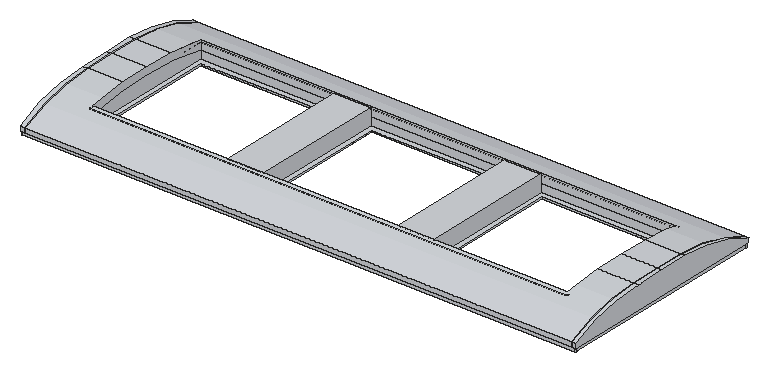
Revit family "Gira_0213763", category Electrical Fixtures, host Face, Revit 2017
Family settings
  Host = Face
  Maintain Annotation Orientation = No
  Round Connector Dimension = Use Diameter
  Part Type = Normal
  Cut with Voids When Loaded = No
  Shared = No
  Room Calculation Point = No
Parameters (values of type "Abdeckrahmen 3f Zwischenr. RW Gira Event Klar Braun")
  Werkstoffgüte = "Thermoplast"
  Werkstoff = "Kunststoff"
  URL = "http://katalog.gira.de/de_DE/datenblatt.html?artikelnr=0213763"
  Transparent = "No"
  Textfeld/Beschriftungsfläche = "No"
  Schutzart (IP) = "IP20"
  Region = "DE"
  Oberfläche = "sonstige"
  Name = "Abdeckrahmen 3f Zwischenr. RW Gira Event Klar Braun"
  Montagerichtung = "horizontal und vertikal"
  Mit Montagerahmen = "No"
  Mit Klappdeckel = "No"
  Manufacturer URL = "https://www.gira.de/"
  Keynote = "Event_Rahmen_3fach"
  HeinzeBIM = "https://bimportal.heinze.de/bim/abdeckrahmen-3f-zwischenr-rw-gira-event-klar-braun/d1ae89ef70610aae7ddfecf6ec6819ed856df4fa"
  Halogenfrei = "Yes"
  HAN = "0213763"
  Geeignet für Unterputz-Installation = "Yes"
  Geeignet für Unterflurkanaldose = "No"
  Geeignet für Geräteeinbaukanal = "No"
  Geeignet für Einbauinstallation = "No"
  GTIN = "4010337069379"
  Farbe = "braun"
  Default Elevation = 1219.2 mm
  Data sheet (1) = "https://katalog.gira.de/de_DE/download.html?artikelnr=0213763"
  Category = "Abdeckrahmen"
  Befestigungsart = "Klemmbefestigung"
  Available = "Yes"
  Ausführung der Oberfläche = "glänzend"
  Anzahl der Einheiten vertikal = "3 "
  Anzahl der Einheiten horizontal = "3 "
  Anzahl der Einheiten = "3 "
Reference planes
  plane 1 "Center (Front/Back)": y = 0
  plane 2: z = 0
  plane 3 "Center (Left/Right)": x = 0
Forms (mm)
  Extrusion 1, solid, detail levels fine
    sketch origin (0, 0, 0.05) x (0, 1, 0) y (0, 0, 1)
      loop
        arc (12.445, 9.683) -> (6.223, 9.833) -> (0, 9.85) r 291.636
        arc (0, 9.85) -> (-6.223, 9.833) -> (-12.445, 9.683) r 291.636
        arc (-12.445, 9.683) -> (-29.14, 7.482) -> (-45, 1.823) r 79.728
        line (-45, 1.823) -> (-45, -0.05) -> (-42.086, -0.05)
        arc (-42.086, -0.05) -> (-21.385, 5.559) -> (0, 7.206) r 114.424
        arc (0, 7.206) -> (21.385, 5.559) -> (42.086, -0.05) r 114.424
        line (42.086, -0.05) -> (45, -0.05) -> (45, 1.823)
        arc (45, 1.823) -> (29.14, 7.482) -> (12.445, 9.683) r 79.728
    from -114.3 to 114.3
  Extrusion 2, void, detail levels fine
    sketch origin (0, 0, 0) x (1, 0, 0) y (0, 1, 0)
      loop
        line (-99.355, -28.053) -> (99.355, -28.053) -> (99.355, 28.053) -> (-99.355, 28.053) -> (-99.355, -28.053)
    from 0.724 to 11
  Extrusion 3, solid, detail levels coarse
    sketch origin (0, 0, 0) x (1, 0, 0) y (0, 1, 0)
      loop
        line (-116.3, 45) -> (-116.3, -45) -> (116.3, -45) -> (116.3, 45) -> (-116.3, 45)
    from -1.5 to 9.9
  Extrusion 4, solid, detail levels medium
    sketch origin (0, 0, 0.05) x (0, 1, 0) y (0, 0, 1)
      loop
        arc (12.445, 9.683) -> (6.223, 9.833) -> (0, 9.85) r 291.636
        arc (0, 9.85) -> (-6.223, 9.833) -> (-12.445, 9.683) r 291.636
        arc (-12.445, 9.683) -> (-29.14, 7.482) -> (-45, 1.823) r 79.728
        line (-45, 1.823) -> (-45, -0.05) -> (45, -0.05) -> (45, 1.823)
        arc (45, 1.823) -> (29.14, 7.482) -> (12.445, 9.683) r 79.728
    from -116.3 to 116.3
  Extrusion 5, solid, detail levels fine
    sketch origin (-71.3, 0, -1.5) x (0, 1, 0) y (0, 0, -1)
      loop
        line (45, -3.373) -> (45, -1.5) -> (-45, -1.5) -> (-45, -3.373)
        arc (-45, -3.373) -> (-29.14, -9.032) -> (-12.445, -11.233) r 79.728
        arc (-12.445, -11.233) -> (-6.223, -11.383) -> (0, -11.4) r 291.636
        arc (0, -11.4) -> (6.223, -11.383) -> (12.445, -11.233) r 291.636
        arc (12.445, -11.233) -> (29.14, -9.032) -> (45, -3.373) r 79.728
    from 43 to 45
  Extrusion 6, solid, detail levels fine
    sketch origin (0, 0, 0) x (1, 0, 0) y (0, 1, 0)
      loop
        line (-97.195, 25.7) -> (-97.195, -25.7) -> (-45.395, -25.7) -> (-45.395, 25.7) -> (-97.195, 25.7)
      loop
        line (25.9, -25.7) -> (25.9, 25.7) -> (-25.9, 25.7) -> (-25.9, -25.7) -> (25.9, -25.7)
      loop
        line (-100.19, 28.49) -> (-100.19, -28.495)
        spline (-100.19, -28.495) -> (-100.181, -28.625) -> (-100.156, -28.754) -> (-100.113, -28.878) -> (-100.056, -28.995) -> (-99.983, -29.104) -> (-99.897, -29.202) -> (-99.798, -29.288) -> (-99.69, -29.361) -> (-99.572, -29.419) -> (-99.448, -29.461) -> (-99.32, -29.486) -> (-99.19, -29.495)
        line (-99.19, -29.495) -> (99.195, -29.495)
        spline (99.195, -29.495) -> (99.325, -29.486) -> (99.454, -29.461) -> (99.578, -29.419) -> (99.695, -29.361) -> (99.804, -29.288) -> (99.902, -29.202) -> (99.988, -29.104) -> (100.061, -28.995) -> (100.119, -28.878) -> (100.161, -28.754) -> (100.186, -28.625) -> (100.195, -28.495)
        line (100.195, -28.495) -> (100.195, 28.49)
        spline (100.195, 28.49) -> (100.186, 28.62) -> (100.161, 28.748) -> (100.119, 28.872) -> (100.061, 28.99) -> (99.988, 29.098) -> (99.902, 29.197) -> (99.804, 29.283) -> (99.695, 29.356) -> (99.578, 29.413) -> (99.454, 29.456) -> (99.325, 29.481) -> (99.195, 29.49)
        line (99.195, 29.49) -> (-99.19, 29.49)
        spline (-99.19, 29.49) -> (-99.32, 29.481) -> (-99.448, 29.456) -> (-99.572, 29.413) -> (-99.69, 29.356) -> (-99.798, 29.283) -> (-99.897, 29.197) -> (-99.983, 29.098) -> (-100.056, 28.99) -> (-100.113, 28.872) -> (-100.156, 28.748) -> (-100.181, 28.62) -> (-100.19, 28.49)
      loop
        line (97.2, -25.7) -> (97.2, 25.7) -> (45.4, 25.7) -> (45.4, -25.7) -> (97.2, -25.7)
    from 0.1 to 7.3
  Extrusion 7, solid
    sketch origin (0, 0, 0) x (1, 0, 0) y (0, 1, 0)
      loop
        arc (-116, -44.2) -> (-115.854, -44.554) -> (-115.5, -44.7) r 0.5
        line (-115.5, -44.7) -> (115.5, -44.7)
        arc (115.5, -44.7) -> (115.854, -44.554) -> (116, -44.2) r 0.5
        line (116, -44.2) -> (116, 44.2)
        arc (116, 44.2) -> (115.854, 44.554) -> (115.5, 44.7) r 0.5
        line (115.5, 44.7) -> (-115.5, 44.7)
        arc (-115.5, 44.7) -> (-115.854, 44.554) -> (-116, 44.2) r 0.5
        line (-116, 44.2) -> (-116, -44.2)
      loop
        line (-114.3, 43) -> (-114.3, -43) -> (114.3, -43) -> (114.3, 43) -> (-114.3, 43)
    from -1.5 to 0.5
  Extrusion 8, solid, detail levels fine
    sketch origin (71.3, 0, -1.5) x (0, 1, 0) y (0, 0, 1)
      loop
        arc (45, 3.373) -> (29.14, 9.032) -> (12.445, 11.233) r 79.728
        arc (12.445, 11.233) -> (6.223, 11.383) -> (0, 11.4) r 291.636
        arc (0, 11.4) -> (-6.223, 11.383) -> (-12.445, 11.233) r 291.636
        arc (-12.445, 11.233) -> (-29.14, 9.032) -> (-45, 3.373) r 79.728
        line (-45, 3.373) -> (-45, 1.5) -> (45, 1.5) -> (45, 3.373)
    from 43 to 45
  Extrusion 9, solid, detail levels medium
    sketch origin (0, 0, 0) x (1, 0, 0) y (0, 1, 0)
      loop
        line (-116, -44.7) -> (116, -44.7) -> (116, 44.7) -> (-116, 44.7) -> (-116, -44.7)
    from -1.5 to 0.5
  Extrusion 10, solid, detail levels fine
    sketch origin (-34.207, 0, 0) x (1, 0, 0) y (0, 1, 0)
      loop
        line (-8.943, 28.063) -> (-8.943, -27.937) -> (6.057, -27.937) -> (6.057, 28.063) -> (-8.943, 28.063)
    from 0.724 to 7.566
  Extrusion 11, solid, detail levels fine
    sketch origin (34.207, 0, 0) x (-1, 0, 0) y (0, -1, 0)
      loop
        line (-8.943, -28.063) -> (6.057, -28.063) -> (6.057, 27.937) -> (-8.943, 27.937) -> (-8.943, -28.063)
    from 0.724 to 7.566
Cuts and joins
  Extrusion 2 cuts Extrusion 1
  Extrusion 2 cuts Extrusion 6
Dimensions and locks
  aligned and locked: plane 2 to host face
  aligned and locked: level to host face
